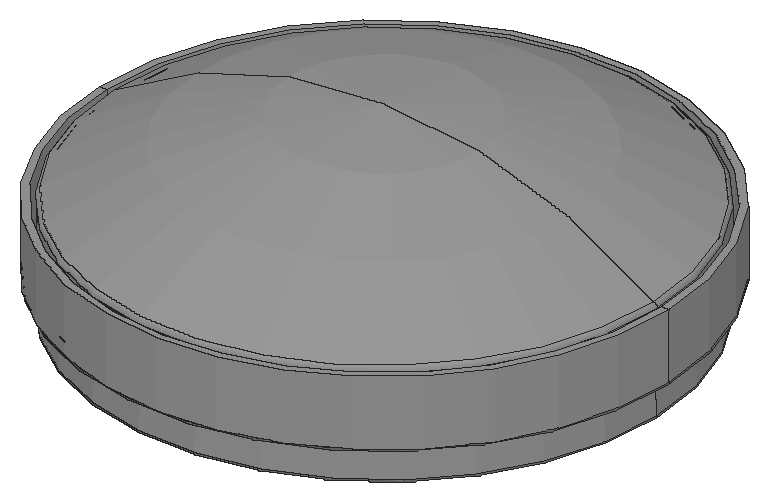
Revit family "3034825 Sylvania Lighting Fixture GIOTTO335 LED G2 3000K SURFACE DALI EMERGENCY", category Lighting Fixtures, host Face, Revit 2016
Family settings
  Host = Face
  Part Type = Normal
  Round Connector Dimension = Use Diameter
  OmniClass Number = 23.80.70.00
  OmniClass Title = Lighting
  Cut with Voids When Loaded = No
  Light Source = Yes
  Shared = No
  Room Calculation Point = No
Parameters (values of type "3034825 GIOTTO335 LED G2 SURFACE 3000K DA E3")
  Weight = "1.5 kg"
  Wattage Comments = ""
  Wattage = 24 W
  WarrantyStartDate [instance] = "n/a"
  WarrantyGuarantorParts = "n/a"
  WarrantyDurationUnit = "n/a"
  WarrantyDurationParts = "n/a"
  WarrantyDescription = "n/a"
  built-in parameter 1150110 = 1 (stored number, unit not read)
  Voltage = 230 V
  URL = "http://www.sylvania-lighting.com"
  TypeName = "GIOTTO335 LED G2 3000K SURFACE DALI EMERGENCY"
  Type Image = <None>
  Type Comments = "n/a"
  built-in parameter 1114217 = 1 (stored number, unit not read)
  Tilt Angle = -90.00°
  built-in parameter 1150109 = 1 (stored number, unit not read)
  built-in parameter 1150134 = (empty or 0)
  built-in parameter 1150113 = 1 (stored number, unit not read)
  SerialNumber [instance] = "n/a"
  Photometric Web File = "3034825.ies"
  Material_3_SYL = LED-Sylvania
  PowerFactor = 0
  PowerConsumption = "24 W"
  NominalLength = 335 mm
  NominalHeight = 110 mm
  NominalDepth = 335 mm
  Name = "GIOTTO335 LED G2 3000K SURFACE DALI EMERGENCY"
  ModelReference = Name  # "GIOTTO335 LED G2 3000K SURFACE DALI EMERGENCY"
  ModelNumber = "3034825"
  Model = Name  # "GIOTTO335 LED G2 3000K SURFACE DALI EMERGENCY"
  Material = "polycarbonate housing, polycarbonate diffuser"
  ManufacturerName = "Feilo Sylvania"
  Manufacturer = "Feilo Sylvania"
  LuminousEfficacy = "86 lm/W"
  built-in parameter 1150105 = 634.02 (stored number, unit not read)
  Lumens = 2064 lm
  LuminaireType = ""
  built-in parameter 1150115 = 1 (stored number, unit not read)
  LightOutputRatio = "n/a"
  built-in parameter 1150137 = (empty or 0)
  built-in parameter 1150139 = (empty or 0)
  LampsType = Lamp  # "LED"
  LampNominalLuminous = "2056 lm"
  LampMacAdamStep = "n/a"
  LampColourTemperature = "3000 K"
  LampColourRenderingIndex = "80"
  built-in parameter 1150112 = 1 (stored number, unit not read)
  built-in parameter 1150114 = 1 (stored number, unit not read)
  Lamp = "LED"
  Keynote = "16500"
  InstallationDate [instance] = "n/a"
  InputVoltage = "n/a"
  InputNominalFrequency = "n/a"
  built-in parameter 1150132 = (empty or 0)
  built-in parameter 1150102 = (empty or 0)
  built-in parameter 1150107 = 3000 (stored number, unit not read)
  built-in parameter 1150138 = (empty or 0)
  IngressProtection = "IP44"
  ImpactProtectionIndex = "IK10"
  built-in parameter 1150106 = 6.3402 (stored number, unit not read)
  IfcExportType = "IfcLightFixtureType"
  IfcExportAs = "IfcLightFixtureType"
  Height_SYL = 110 mm
  ExpectedLife = 50000
  Emit from Circle Diameter = 317 mm
  Emit Shape Visible in Rendering = no
  ElectricShockClassification = "Class I"
  built-in parameter 1150104 = 7.9897 (stored number, unit not read)
  DurationUnit = "hours"
  DocumentationLiterature = "http://www.sylvania-lighting.com/product/en-int/products/3034825"
  DimmingControlOptions = "n/a"
  Material_2_SYL = Polycarbonate_Sylvania_Giotto_Opal
  Dimming Lamp Color Temperature Shift = <None>
  DiffuserRadius_SYL = 282.611 mm
  Diameter_SYL = 335 mm
  Description = "Ambient and decorative round, surface mounted LED bulkhead luminaire. White robust polycarbonate body with opal diffuser, 2056 lm, 24W, 86lm/W, 3000K, CRI 80, DALI, integral 3 hour maintained emergency, 50,000 hours lumen maintenance. Drive current: 700mA, IP44, IK10, Class I, 220-240V, Energy class: A++, A+, A."
  Default Elevation = 1219.2 mm
  CreatedOn = "9/13/2018"
  CreatedBy = "@sylvania-lighting.com"
  Cost = 0
  Color Filter = 16777215
  built-in parameter 1114216 [instance] = (empty or 0)
  ClassificationValue = "EF_70_80"
  ClassificationName = "Uniclass2015"
  Material_1_SYL = Polycarbonate_Sylvania_Giotto_White
  BarCode [instance] = "n/a"
  built-in parameter 1114218 = 1 (stored number, unit not read)
  built-in parameter 1150133 = 10 (stored number, unit not read)
  AssetType = "Fixed"
  AssetIdentifier [instance] = "n/a"
  Assembly Code = "D5020200"
  Apparent Load = 24 VA
  Material_4_SYL = none
Types (2, lengths in mm): name | Wattage | Photometric Web File | built-in parameter 1150105 | Lumens | built-in parameter 1150132 | built-in parameter 1150106
  3034825 GIOTTO335 LED G2 SURFACE 3000K DA E3 | 24 W | "3034825.ies" | 634.02 (stored number, unit not read) | 2064 lm | (empty or 0) | 6.3402 (stored number, unit not read)
  3034825 GIOTTO335 LED G2 SURFACE 3000K DA E3 Emergency mode | 1.32558 W | "3034825EM.ies" | 35.018 (stored number, unit not read) | 114 lm | 2 | 0.35018 (stored number, unit not read)
Reference planes
  plane 1 "Center (Front/Back)": y = 0
  plane 2: z = 0
  plane 3 "Center (Left/Right)": x = 0
  plane 4: x = 167.5
  plane 5: x = -167.5
  plane 6: x = -160.5
  plane 7: x = -163.5
  plane 8: z = 110
  plane 9: z = 60
  plane 10: z = 20
  plane 11: z = 25
  plane 12: x = -165.9
  plane 13: z = 21.6
  plane 14: z = 1.6
  plane 15: x = -158.9
  plane 16: z = 19
  plane 17: x = -161.5
  plane 18: z = 26
Forms (mm)
  Revolve 1, solid, material "Polycarbonate_Sylvania_Giotto_White" <- "Material_1_SYL"
    sketch origin (0, 0, 0) x (1, 0, 0) y (0, 0, 1)
      loop
        line (0, 0) -> (0, 26) -> (-158.9, 26) -> (-158.9, 25) -> (-163.5, 25) -> (-163.5, 60) -> (-167.5, 60) -> (-167.5, 21.6)
        arc (-167.5, 21.6) -> (-167.031, 20.469) -> (-165.9, 20) r 1.6
        line (-165.9, 20) -> (-160.5, 20)
        arc (-160.5, 20) -> (-160.193, 19.541) -> (-160.086, 19) r 1.414
        line (-160.086, 19) -> (-160.5, 1.6)
        arc (-160.5, 1.6) -> (-160.031, 0.469) -> (-158.9, 0) r 1.6
        line (-158.9, 0) -> (0, 0)
      axis (0, 60) -> (0, 0)
    angle from 360 to 0
  Revolve 2, solid, material "Polycarbonate_Sylvania_Giotto_Opal" <- "Material_2_SYL"
    sketch origin (0, 0, 0) x (1, 0, 0) y (0, 0, 1)
      loop
        line (-160.5, 25) -> (-158.5, 25) -> (-158.5, 57.891)
        arc (-158.5, 57.891) -> (-158.267, 58.827) -> (-157.623, 59.545) r 2
        arc (-157.623, 59.545) -> (-82.451, 95.612) -> (0, 107.998) r 280.611
        line (0, 107.998) -> (0, 109.998)
        arc (0, 109.998) -> (-83.039, 97.523) -> (-158.747, 61.2) r 282.611
        arc (-158.747, 61.2) -> (-160.035, 59.763) -> (-160.5, 57.891) r 4
        line (-160.5, 57.891) -> (-160.5, 25)
      axis (0, 109.998) -> (0, 25)
    angle from 360 to 0
Dimensions and locks
  equal spacing: plane 4, plane 3 "Center (Left/Right)", plane 5
  "Diameter_SYL": plane 4 to plane 5
  locked: plane 6 to plane 5 at 7
  locked: plane 7 to plane 5 at 4
  "Height_SYL": plane 8 to plane 2
  locked: plane 8 to plane 9 at 50
  locked: plane 9 to plane 10 at 40
  Revolve 1 sketch curve to Revolve 1 sketch curve = 5.4 mm
  locked: plane 11 to plane 10 at 5
  locked: plane 12 to plane 5 at 1.6
  locked: plane 13 to plane 10 at 1.6
  locked: plane 14 to plane 2 at 1.6
  locked: plane 15 to plane 6 at 1.6
  locked: plane 6 to plane 17 at 1
  locked: plane 10 to plane 16 at 1
  locked: plane 18 to plane 11 at 1
  "DiffuserRadius_SYL": radius of Revolve 2 sketch curve
  aligned and locked: plane 2 to host face
  aligned and locked: level to host face
  aligned and locked: Revolve 1 sketch curve to plane 3 "Center (Left/Right)"
  aligned and locked: level to Revolve 1 sketch curve
  aligned and locked: Revolve 1 sketch curve to plane 10
  aligned and locked: plane 9 to Revolve 1 sketch curve
  aligned and locked: Revolve 1 sketch curve to plane 7
  aligned and locked: plane 12 to Revolve 1 sketch curve  (x2)
  aligned and locked: plane 13 to Revolve 1 sketch curve  (x2)
  aligned and locked: plane 17 to Revolve 1 sketch curve
  aligned and locked: plane 16 to Revolve 1 sketch curve  (x2)
  aligned and locked: plane 15 to Revolve 1 sketch curve  (x3)
  aligned and locked: plane 14 to Revolve 1 sketch curve  (x2)
  aligned and locked: Revolve 2 sketch curve to plane 3 "Center (Left/Right)"
  aligned and locked: plane 6 to Revolve 2 sketch curve
  aligned and locked: Revolve 2 sketch curve to Revolve 2 sketch curve
  aligned and locked: plane 3 "Center (Left/Right)" to imposter light
  aligned and locked: imposter light to plane 1 "Center (Front/Back)"
  aligned and locked: plane 18 to Revolve 1 sketch curve
  aligned and locked: plane 11 to Revolve 1 sketch curve
  aligned and locked: plane 11 to Revolve 2 sketch curve
  aligned and locked: plane 3 "Center (Left/Right)" to Revolve 2 sketch curve
  aligned and locked: imposter light to plane 8
Automatic sketch dimensions
  host sketch curve to host sketch curve = 2438.4 mm  (x2)
  Revolve 1 sketch curve to plane 3 "Center (Left/Right)" = 0 mm
  Revolve 1 sketch curve to level = 609.6 mm
  Revolve 1 sketch curve to plane 8 = 2499.058 mm
  Revolve 2 sketch curve to Revolve 2 sketch curve = 0 mm  (x3)
  plane 15 to Revolve 2 sketch curve = 0.4 mm
  Revolve 2 sketch curve to Revolve 2 sketch curve = 2 mm  (x2)
  Revolve 2 sketch curve to level = 172.613 mm
  plane 9 to Revolve 2 sketch curve = 2.109 mm
  Revolve 2 sketch curve to Revolve 2 sketch curve = 436.987 mm
  Revolve 2 sketch curve to plane 8 = 2499.058 mm
Connectors
  electrical at (0, 0, 0), driven by "Apparent Load", driven by "PowerFactor", driven by "Voltage"
    settings: index 1, voltage 230 V, apparent load 24 VA, apparent load phase1 0 VA, apparent load phase2 0 VA, apparent load phase3 0 VA, power factor 0, load classification "Lighting", number of poles 1, system type 30, power factor state 1, is connector primary yes, connector utility no, sub classification motor no, connector description ""
